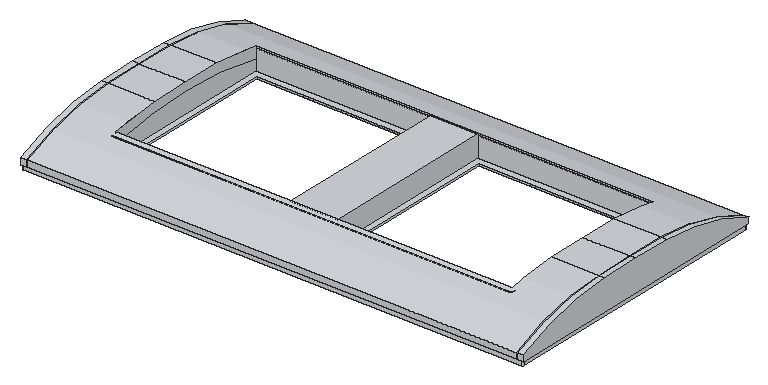
Revit family "Gira_021250", category Electrical Fixtures, host Face, Revit 2017
Family settings
  Host = Face
  Maintain Annotation Orientation = No
  Round Connector Dimension = Use Diameter
  Part Type = Normal
  Cut with Voids When Loaded = No
  Shared = No
  Room Calculation Point = No
Parameters (values of type "Abdeckrahmen 2f Zwischenr. F Alu Gira Event Opak Weiß")
  Werkstoffgüte = "Thermoplast"
  Werkstoff = "Kunststoff"
  URL = "http://katalog.gira.de/de_DE/datenblatt.html?artikelnr=021250"
  Transparent = "No"
  Textfeld/Beschriftungsfläche = "No"
  Schutzart (IP) = "IP20"
  Region = "DE"
  Oberfläche = "sonstige"
  Name = "Abdeckrahmen 2f Zwischenr. F Alu Gira Event Opak Weiß"
  Montagerichtung = "horizontal und vertikal"
  Mit Montagerahmen = "No"
  Mit Klappdeckel = "No"
  Manufacturer URL = "https://www.gira.de/"
  Keynote = "Event_Rahmen_2fach"
  HeinzeBIM = "https://bimportal.heinze.de/bim/abdeckrahmen-2f-zwischenr-f-alu-gira-event-opak-weiss/774bb21834e30b79100a65e2642a8309f3450fce"
  Halogenfrei = "Yes"
  HAN = "021250"
  Geeignet für Unterputz-Installation = "Yes"
  Geeignet für Unterflurkanaldose = "No"
  Geeignet für Geräteeinbaukanal = "No"
  Geeignet für Einbauinstallation = "No"
  GTIN = "4010337212508"
  Farbe = "weiß"
  Default Elevation = 1219.2 mm
  Data sheet (1) = "https://katalog.gira.de/de_DE/download.html?artikelnr=021250"
  Category = "Abdeckrahmen"
  Available = "Yes"
  Anzahl der Einheiten vertikal = "2 "
  Anzahl der Einheiten horizontal = "2 "
  Anzahl der Einheiten = "2 "
Reference planes
  plane 1 "Center (Front/Back)": y = 0
  plane 2: z = 0
  plane 3 "Center (Left/Right)": x = 0
Forms (mm)
  Extrusion 1, solid, detail levels fine
    sketch origin (0, 0, 0.05) x (0, 1, 0) y (0, 0, 1)
      loop
        arc (12.445, 9.683) -> (6.223, 9.833) -> (0, 9.85) r 291.636
        arc (0, 9.85) -> (-6.223, 9.833) -> (-12.445, 9.683) r 291.636
        arc (-12.445, 9.683) -> (-29.14, 7.482) -> (-45, 1.823) r 79.728
        line (-45, 1.823) -> (-45, -0.05) -> (-42.086, -0.05)
        arc (-42.086, -0.05) -> (-21.385, 5.559) -> (0, 7.206) r 114.424
        arc (0, 7.206) -> (21.385, 5.559) -> (42.086, -0.05) r 114.424
        line (42.086, -0.05) -> (45, -0.05) -> (45, 1.823)
        arc (45, 1.823) -> (29.14, 7.482) -> (12.445, 9.683) r 79.728
    from -78.55 to 78.55
  Extrusion 2, void, detail levels fine
    sketch origin (0, 0, 0) x (1, 0, 0) y (0, 1, 0)
      loop
        line (-63.55, -27.937) -> (63.55, -27.937) -> (63.55, 28.063) -> (-63.55, 28.063) -> (-63.55, -27.937)
    from 0.724 to 11
  Extrusion 3, solid, detail levels coarse
    sketch origin (0, 0, 0) x (1, 0, 0) y (0, 1, 0)
      loop
        line (-80.55, 45) -> (-80.55, -45) -> (80.55, -45) -> (80.55, 45) -> (-80.55, 45)
    from -1.5 to 9.9
  Extrusion 4, solid, detail levels medium
    sketch origin (0, 0, 0.05) x (0, 1, 0) y (0, 0, 1)
      loop
        arc (12.445, 9.683) -> (6.223, 9.833) -> (0, 9.85) r 291.636
        arc (0, 9.85) -> (-6.223, 9.833) -> (-12.445, 9.683) r 291.636
        arc (-12.445, 9.683) -> (-29.14, 7.482) -> (-45, 1.823) r 79.728
        line (-45, 1.823) -> (-45, -0.05) -> (45, -0.05) -> (45, 1.823)
        arc (45, 1.823) -> (29.14, 7.482) -> (12.445, 9.683) r 79.728
    from -80.55 to 80.55
  Extrusion 5, solid, detail levels fine
    sketch origin (-35.55, 0, -1.5) x (0, 1, 0) y (0, 0, -1)
      loop
        line (45, -3.373) -> (45, -1.5) -> (-45, -1.5) -> (-45, -3.373)
        arc (-45, -3.373) -> (-29.14, -9.032) -> (-12.445, -11.233) r 79.728
        arc (-12.445, -11.233) -> (-6.223, -11.383) -> (0, -11.4) r 291.636
        arc (0, -11.4) -> (6.223, -11.383) -> (12.445, -11.233) r 291.636
        arc (12.445, -11.233) -> (29.14, -9.032) -> (45, -3.373) r 79.728
    from 43 to 45
  Extrusion 6, solid, detail levels fine
    sketch origin (0, 0, 0) x (1, 0, 0) y (0, 1, 0)
      loop
        line (-61.45, 25.7) -> (-61.45, -25.7) -> (-9.65, -25.7) -> (-9.65, 25.7) -> (-61.45, 25.7)
      loop
        line (61.45, -25.7) -> (61.45, 25.7) -> (9.65, 25.7) -> (9.65, -25.7) -> (61.45, -25.7)
      loop
        line (-64.445, 28.49) -> (-64.445, -28.495)
        spline (-64.445, -28.495) -> (-64.436, -28.625) -> (-64.411, -28.754) -> (-64.369, -28.878) -> (-64.311, -28.995) -> (-64.238, -29.104) -> (-64.152, -29.202) -> (-64.054, -29.288) -> (-63.945, -29.361) -> (-63.828, -29.419) -> (-63.704, -29.461) -> (-63.575, -29.486) -> (-63.445, -29.495)
        line (-63.445, -29.495) -> (63.445, -29.495)
        spline (63.445, -29.495) -> (63.575, -29.486) -> (63.704, -29.461) -> (63.828, -29.419) -> (63.945, -29.361) -> (64.054, -29.288) -> (64.152, -29.202) -> (64.238, -29.104) -> (64.311, -28.995) -> (64.369, -28.878) -> (64.411, -28.754) -> (64.436, -28.625) -> (64.445, -28.495)
        line (64.445, -28.495) -> (64.445, 28.49)
        spline (64.445, 28.49) -> (64.436, 28.62) -> (64.411, 28.748) -> (64.369, 28.872) -> (64.311, 28.99) -> (64.238, 29.098) -> (64.152, 29.197) -> (64.054, 29.283) -> (63.945, 29.356) -> (63.828, 29.413) -> (63.704, 29.456) -> (63.575, 29.481) -> (63.445, 29.49)
        line (63.445, 29.49) -> (-63.445, 29.49)
        spline (-63.445, 29.49) -> (-63.575, 29.481) -> (-63.704, 29.456) -> (-63.828, 29.413) -> (-63.945, 29.356) -> (-64.054, 29.283) -> (-64.152, 29.197) -> (-64.238, 29.098) -> (-64.311, 28.99) -> (-64.369, 28.872) -> (-64.411, 28.748) -> (-64.436, 28.62) -> (-64.445, 28.49)
    from 0.1 to 7.3
  Extrusion 7, solid
    sketch origin (0, 0, 0) x (1, 0, 0) y (0, 1, 0)
      loop
        arc (-80.25, -44.2) -> (-80.104, -44.554) -> (-79.75, -44.7) r 0.5
        line (-79.75, -44.7) -> (79.75, -44.7)
        arc (79.75, -44.7) -> (80.104, -44.554) -> (80.25, -44.2) r 0.5
        line (80.25, -44.2) -> (80.25, 44.2)
        arc (80.25, 44.2) -> (80.104, 44.554) -> (79.75, 44.7) r 0.5
        line (79.75, 44.7) -> (-79.75, 44.7)
        arc (-79.75, 44.7) -> (-80.104, 44.554) -> (-80.25, 44.2) r 0.5
        line (-80.25, 44.2) -> (-80.25, -44.2)
      loop
        line (-78.55, 43) -> (-78.55, -43) -> (78.55, -43) -> (78.55, 43) -> (-78.55, 43)
    from -1.5 to 0.5
  Extrusion 8, solid, detail levels fine
    sketch origin (35.55, 0, -1.5) x (0, 1, 0) y (0, 0, 1)
      loop
        arc (45, 3.373) -> (29.14, 9.032) -> (12.445, 11.233) r 79.728
        arc (12.445, 11.233) -> (6.223, 11.383) -> (0, 11.4) r 291.636
        arc (0, 11.4) -> (-6.223, 11.383) -> (-12.445, 11.233) r 291.636
        arc (-12.445, 11.233) -> (-29.14, 9.032) -> (-45, 3.373) r 79.728
        line (-45, 3.373) -> (-45, 1.5) -> (45, 1.5) -> (45, 3.373)
    from 43 to 45
  Extrusion 9, solid, detail levels medium
    sketch origin (0, 0, 0) x (1, 0, 0) y (0, 1, 0)
      loop
        line (-80.25, -44.7) -> (80.25, -44.7) -> (80.25, 44.7) -> (-80.25, 44.7) -> (-80.25, -44.7)
    from -1.5 to 0.5
  Extrusion 10, solid, detail levels fine
    sketch origin (0, 0, 0) x (1, 0, 0) y (0, 1, 0)
      loop
        line (-7.55, 28.063) -> (-7.55, -27.937) -> (7.55, -27.937) -> (7.55, 28.063) -> (-7.55, 28.063)
    from 0.724 to 7.566
Cuts and joins
  Extrusion 2 cuts Extrusion 1
  Extrusion 2 cuts Extrusion 6
Dimensions and locks
  aligned and locked: plane 2 to host face
  aligned and locked: level to host face
